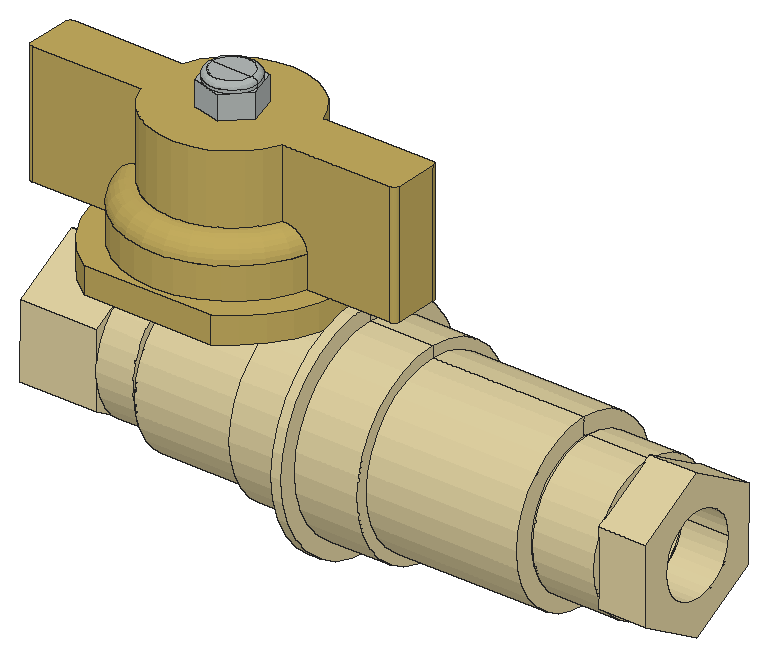
Revit family "QS21101015", category Apparecchi idraulici, Revit 2020
Family settings
  Quota connettore circolare = Usa diametro
  Tipo di parte = Normale
  Numero OmniClass = 23.45.00.00
  Titolo OmniClass = Sanitary, Laundry, and Cleaning Equipment
  Basato su piano di lavoro = No
  Sempre verticale = Sì
  Taglio con vuoti quando caricato = No
  Condiviso = No
  Punto di calcolo locali = No
Parameters
  URL = "https://web.cimberio.com/index.php/figura/51?subcategoria_id="
  Temperatura di esercizio = "0 ÷ 90°C"
  Prospetto di default = 0 mm
  Produttore = "CIMBERIO SPA"
  Pressione nominale = "5 psi"
  Modello = "Cim 1001"
  Materiale = "Prodotto in lega di ottone conforme alla norma EN 12165-CW617N-DW"
  Descrizione = "Utilizzato nell’impiantistica distributiva di gas a bassa pressione per le categorie:\r\nGas naturali: gas derivati dal petrolio (Metano) e gas di ricambio.\r\nGas di città: prodotti secondo i diversi procedimenti (Cracking - Cokerie - ecc.).\r\nGas liquidi: propano e miscele di gas propano/butano"
  DN [instance] = 15 mm
  Commenti sul tipo = "Realizzato in ottemperanza ai requisiti gestionali della norma EN ISO 9001.\r\nCollaudato al 100% secondo la normativa EN 12266-1"
Reference planes
  plane 1 "Centro (Fronte/Retro)": y = 0
  plane 2: z = 0
  plane 3 "Centro (Sinistra/Destra)": x = 0
Forms (mm)
  Revolve 1, solid, material "Cim_Lega di ottone gialla"
    sketch origin (0, 0, 0) x (1, 0, 0) y (0, 0, 1)
      loop
        line (-16, -12.5) -> (-9, -12.5) -> (-6.5, -15) -> (12.6, -15) -> (12.6, -16.5) -> (24.1, -16.5) -> (24.1, -21) -> (26.1, -21) -> (26.1, -18) -> (38.1, -18) -> (38.1, -16) -> (66.9, -16) -> (66.9, -12.75) -> (67.72, -13.25) -> (79.4, -13.25) -> (79.4, -7.5) -> (-16, -7.5) -> (-16, -12.5)
      axis (-16, 0) -> (79.4, 0)
    angle from 0 to 360
  Revolve 2, solid, material "Cim_Lega di ottone"
    sketch origin (0, 0, 0) x (1, 0, 0) y (0, 0, 1)
      loop
        line (8.5, 11.728) -> (8.5, 18.637) -> (0.067, 18.637) -> (0.067, 11.728) -> (8.5, 11.728)
      axis (0.067, 11.728) -> (0.067, 18.637)
    angle from 0 to 360
  Extrusion 3, solid, material "Cim_Lega di ottone gialla"
    sketch origin (0, 0, 0) x (0, 1, 0) y (0, 0, 1)
      loop
        circle (0, 0) r 7.5
      loop
        line (0, 14) -> (-12.124, 7) -> (-12.124, -7) -> (0, -14) -> (12.124, -7) -> (12.124, 7) -> (0, 14)
    from -30.6 to -16
  Extrusion 4, solid, material "Cim_Lega di ottone gialla"
    sketch origin (105.378, 0, 0) x (0, 1, 0) y (0, 0, 1)
      loop
        circle (0, 0) r 7.5
      loop
        line (0, 14) -> (-12.124, 7) -> (-12.124, -7) -> (0, -14) -> (12.124, -7) -> (12.124, 7) -> (0, 14)
    from -25.978 to -16.978
  Extrusion 5, solid, material "Cim_Alluminio giallo"
    sketch origin (0, 0, 0) x (1, 0, 0) y (0, 1, 0)
      loop
        arc (-11.954, 20) -> (-20.266, 11.497) -> (-23.3, 0) r 23.3
        arc (-23.3, 0) -> (-20.266, -11.497) -> (-11.954, -20) r 23.3
        line (-11.954, -20) -> (11.954, -20)
        arc (11.954, -20) -> (20.612, -10.865) -> (23.255, 1.44) r 23.3
        arc (23.255, 1.44) -> (19.901, 12.118) -> (11.954, 20) r 23.3
        line (11.954, 20) -> (-11.954, 20)
    from 17.8 to 22.8
  Revolve 6, solid, material "Cim_Alluminio giallo"
    sketch origin (0, 0, 0) x (1, 0, 0) y (0, 0, 1)
      loop
        line (0, 33.8) -> (0, 22.8) -> (18.914, 22.8) -> (18.914, 28.8)
        arc (18.914, 28.8) -> (17.498, 31.791) -> (14.346, 32.8) r 4.158
        arc (14.346, 32.8) -> (13.584, 33.068) -> (13.241, 33.8) r 1.046
        line (13.241, 33.8) -> (0, 33.8)
      axis (0, 22.8) -> (0, 33.8)
    angle from 0 to 360
  Revolve 7, solid, material "Cim_Lega di ottone"
    sketch origin (0, 0, 0) x (1, 0, 0) y (0, 0, 1)
      loop
        arc (4.75, 50.8) -> (4.457, 51.507) -> (3.75, 51.8) r 1
        line (3.75, 51.8) -> (0, 51.8) -> (0, 49.76) -> (4.75, 49.76) -> (4.75, 50.8)
      axis (0, 51.8) -> (0, 49.76)
    angle from 0 to 360
  Extrusion 8, solid, material "Cim_Alluminio giallo"
    sketch origin (0, 0, 0) x (1, 0, 0) y (0, 1, 0)
      loop
        arc (-34, 5) -> (-34.707, 4.707) -> (-35, 4) r 1
        line (-35, 4) -> (-35, -4)
        arc (-35, -4) -> (-34.707, -4.707) -> (-34, -5) r 1
        line (-34, -5) -> (-13.447, -5)
        arc (-13.447, -5) -> (0, -14.346) -> (13.447, -5) r 14.346
        line (13.447, -5) -> (34, -5)
        arc (34, -5) -> (34.707, -4.707) -> (35, -4) r 1
        line (35, -4) -> (35, 4)
        arc (35, 4) -> (34.707, 4.707) -> (34, 5) r 1
        line (34, 5) -> (13.447, 5)
        arc (13.447, 5) -> (0, 14.346) -> (-13.447, 5) r 14.346
        line (-13.447, 5) -> (-34, 5)
    from 22.8 to 45.8
  Extrusion 9, solid, material "Cim_Lega di ottone"
    sketch origin (0, 0, 0) x (1, 0, 0) y (0, 1, 0)
      loop
        line (-1.596, 5.368) -> (-5.447, 1.302) -> (-3.851, -4.066) -> (1.596, -5.368) -> (5.447, -1.302) -> (3.851, 4.066) -> (-1.596, 5.368)
    from 45.8 to 50.3
Dimensions and locks
  aligned and locked: level to plane 2
Connectors
  piping at (88.4, 0, 0), diameter 15, driven by "DN"
    settings: on Extrusion 4, index 1, connector inside diameter 609.6 mm, connector length 0 mm, flow factor 0, pipe flow 0.0 L/s, pressure drop 0.0 Pa, fitting loss kfactor 0, connector angle 0.00°, fixture units 0, engagement length 0 mm, angle of deflection 0.00°, flow configuration 0, flow direction 0, fitting loss method 0, system type 7, joint type 0, gender type 0, connector reference index -1, connector utility 0, adjustable connector no, is connector primary yes, connector description ""
  piping at (-30.6, 0, 0), diameter 15, driven by "DN"
    settings: on Extrusion 3, index 2, connector inside diameter 609.6 mm, connector length 0 mm, flow factor 0, pipe flow 0.0 L/s, pressure drop 0.0 Pa, fitting loss kfactor 0, connector angle 0.00°, fixture units 0, engagement length 0 mm, angle of deflection 0.00°, flow configuration 0, flow direction 0, fitting loss method 0, system type 7, joint type 0, gender type 0, connector reference index -1, connector utility 0, adjustable connector no, is connector primary no, connector description ""
